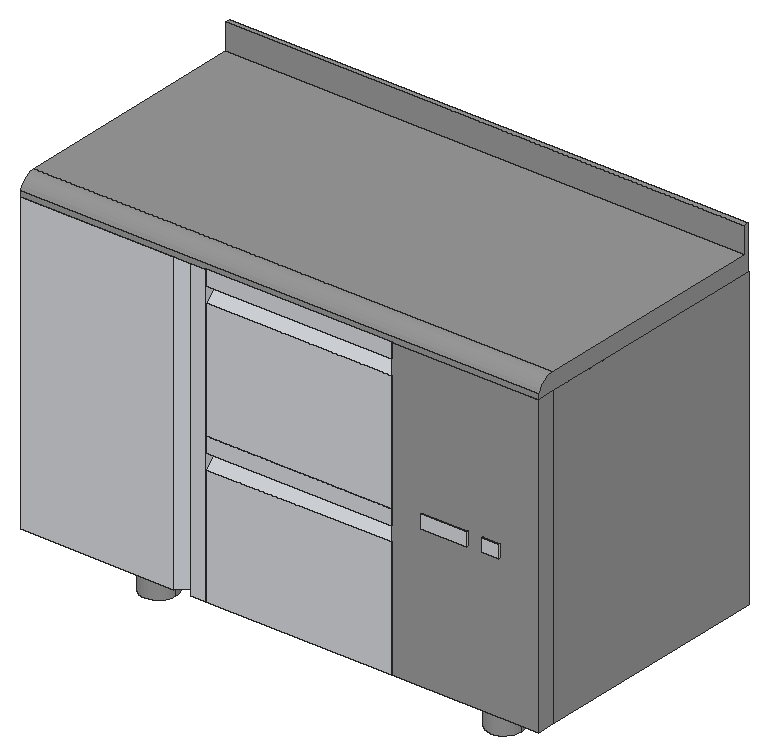
Revit family "Холодильные столы среднетемпературные", category Оборудование, Revit 2020 (continued)
Automatic sketch dimensions
  curve 407 to curve 406 = 18.028 mm  (x2)
  curve 370 to curve 365 = 18.028 mm
  curve 361 to curve 404 = 10.198 mm  (x2)
  curve 357 to curve 356 = 12.5 mm  (x2)
  curve 358 to curve 357 = 12.5 mm  (x2)
  curve 365 to curve 360 = 18.028 mm
  curve 365 to curve 359 = 10.308 mm
  curve 404 to curve 403 = 18.028 mm
  curve 404 to curve 351 = 10.198 mm
  curve 403 to curve 402 = 18.028 mm  (x2)
  curve 355 to curve 350 = 18.028 mm
  curve 350 to curve 345 = 18.028 mm  (x2)
  curve 345 to curve 340 = 18.028 mm  (x2)
  curve 345 to curve 339 = 10.308 mm  (x2)
  curve 344 to curve 338 = 10.308 mm  (x2)
  curve 341 to curve 400 = 10.198 mm
  curve 338 to curve 333 = 18.028 mm
  curve 338 to curve 334 = 10.308 mm
  curve 339 to curve 335 = 10.308 mm
  curve 332 to curve 327 = 18.028 mm
  curve 333 to curve 328 = 18.028 mm
  curve 333 to curve 329 = 10.308 mm  (x2)
  curve 335 to curve 330 = 18.028 mm
  curve 322 to curve 321 = 12.5 mm
  curve 323 to curve 322 = 12.5 mm
  curve 324 to curve 323 = 12.5 mm
  curve 325 to curve 324 = 12.5 mm
  curve 321 to curve 396 = 10.198 mm  (x2)
  curve 322 to curve 317 = 18.028 mm
  curve 318 to curve 317 = 12.5 mm  (x2)
  curve 319 to curve 318 = 12.5 mm  (x2)
  curve 320 to curve 319 = 12.5 mm
  curve 396 to curve 395 = 18.028 mm  (x2)
  curve 396 to curve 311 = 10.198 mm
  curve 316 to curve 312 = 10.308 mm
  curve 317 to curve 313 = 10.308 mm  (x2)
  curve 318 to curve 314 = 10.308 mm
  curve 319 to curve 315 = 10.308 mm
  curve 395 to curve 306 = 10.198 mm
  curve 312 to curve 308 = 10.308 mm
  curve 313 to curve 309 = 10.308 mm  (x2)
  curve 314 to curve 310 = 10.308 mm  (x2)
  curve 306 to curve 301 = 18.028 mm
  curve 302 to curve 301 = 12.5 mm
  curve 310 to curve 305 = 18.028 mm  (x2)
  curve 305 to curve 300 = 18.028 mm  (x2)
  curve 393 to curve 392 = 18.028 mm
  curve 298 to curve 297 = 12.5 mm  (x2)
  curve 299 to curve 298 = 12.5 mm
  curve 392 to curve 391 = 18.028 mm
  curve 392 to curve 291 = 10.198 mm
  curve 298 to curve 294 = 10.308 mm
  curve 296 to curve 292 = 10.308 mm  (x2)
  curve 299 to curve 295 = 10.308 mm
  curve 297 to curve 293 = 10.308 mm  (x2)
  curve 514 to curve 515 = 18.028 mm
  curve 504 to curve 509 = 18.028 mm
  curve 419 to curve 510 = 18.028 mm
  curve 505 to curve 533 = 13 mm
  curve 506 to curve 505 = 12.5 mm
  curve 507 to curve 506 = 12.5 mm
  curve 508 to curve 507 = 12.5 mm
  curve 509 to curve 508 = 12.5 mm
  curve 512 to curve 509 = 15 mm
  curve 515 to curve 510 = 18.028 mm
  curve 387 to curve 389 = 273 mm
  curve 388 to curve 511 = 232.251 mm  (x2)
  curve 389 to curve 511 = 232.251 mm
  curve 387 to curve 390 = 190 mm
  curve 390 to curve 391 = 18.028 mm
  curve 393 to curve 394 = 18.028 mm
  curve 395 to curve 396 = 18.028 mm
  curve 397 to curve 398 = 18.028 mm
  curve 291 to curve 286 = 18.028 mm
  curve 344 to curve 349 = 18.028 mm
  curve 409 to curve 387 = 45 mm
  curve 381 to curve 376 = 18.028 mm
  curve 376 to curve 371 = 18.028 mm
  curve 362 to curve 361 = 12.5 mm
  curve 363 to curve 362 = 12.5 mm
  curve 364 to curve 363 = 12.5 mm
  curve 365 to curve 364 = 12.5 mm
  curve 356 to curve 404 = 13 mm
  curve 359 to curve 358 = 12.5 mm
  curve 360 to curve 359 = 12.5 mm
  curve 359 to curve 355 = 10.308 mm
  curve 354 to curve 350 = 10.308 mm
  curve 401 to curve 400 = 18.028 mm
  curve 336 to curve 400 = 13 mm
  curve 337 to curve 336 = 12.5 mm
  curve 400 to curve 399 = 18.028 mm
  curve 331 to curve 327 = 10.308 mm
  curve 332 to curve 328 = 10.308 mm
  curve 334 to curve 330 = 10.308 mm
  curve 399 to curve 326 = 10.198 mm
  curve 399 to curve 398 = 18.028 mm
  curve 330 to curve 325 = 18.028 mm
  curve 317 to curve 316 = 12.5 mm
  curve 395 to curve 394 = 18.028 mm
  curve 301 to curve 392 = 10.198 mm
  curve 296 to curve 392 = 13 mm
  curve 297 to curve 296 = 12.5 mm
  curve 305 to curve 299 = 10.308 mm
  curve 291 to curve 287 = 10.308 mm
  curve 292 to curve 288 = 10.308 mm
  curve 293 to curve 289 = 10.308 mm
  curve 294 to curve 290 = 10.308 mm
  curve 10 to curve 21 = 30 mm
  curve 533 to Extrusion 47 = 20 mm
  curve 386 to Extrusion 47 = 20 mm
  curve 398 to curve 399 = 15 mm
  curve 398 to curve 397 = 15 mm
  curve 402 to curve 401 = 15 mm
  curve 394 to curve 395 = 15 mm
  curve 406 to curve 407 = 15 mm
  curve 402 to curve 403 = 15 mm
  curve 394 to curve 393 = 15 mm
  curve 386 to curve 391 = 15 mm
  curve 406 to curve 405 = 15 mm
  curve 391 to curve 390 = 15 mm
  curve 393 to curve 394 = 15 mm
  curve 397 to curve 396 = 15 mm
  curve 405 to curve 406 = 15 mm
  curve 399 to curve 400 = 15 mm
  curve 403 to curve 404 = 15 mm
  curve 409 to curve 408 = 15 mm
  curve 393 to curve 392 = 15 mm
  curve 286 to curve 391 = 2 mm
  curve 326 to curve 397 = 2 mm
  curve 326 to curve 399 = 2 mm
  curve 366 to curve 407 = 2 mm
  curve 306 to curve 393 = 2 mm
  curve 346 to curve 403 = 2 mm
  curve 408 to curve 409 = 15 mm
  curve 346 to curve 401 = 2 mm
  curve 306 to curve 395 = 2 mm
  curve 366 to curve 405 = 2 mm
  curve 331 to curve 400 = 2 mm
  curve 381 to curve 408 = 2 mm
  curve 311 to curve 396 = 2 mm
  curve 291 to curve 392 = 2 mm
  curve 351 to curve 404 = 2 mm
  curve 311 to curve 306 = 15 mm
  curve 371 to curve 366 = 15 mm
  curve 321 to curve 326 = 15 mm
  curve 351 to curve 346 = 15 mm
  curve 307 to curve 311 = 2.5 mm
  curve 327 to curve 331 = 2.5 mm
  curve 347 to curve 351 = 2.5 mm
  curve 347 to curve 341 = 2.5 mm
  curve 287 to curve 291 = 2.5 mm
  curve 327 to curve 321 = 2.5 mm
  curve 307 to curve 301 = 2.5 mm
  curve 367 to curve 371 = 2.5 mm
  curve 376 to curve 381 = 15 mm
  curve 367 to curve 361 = 2.5 mm
  curve 352 to curve 356 = 2.5 mm
  curve 342 to curve 336 = 2.5 mm
  curve 302 to curve 296 = 2.5 mm
  curve 322 to curve 316 = 2.5 mm
  curve 382 to curve 376 = 2.5 mm
  curve 332 to curve 327 = 15 mm
  curve 292 to curve 287 = 15 mm
  curve 312 to curve 307 = 15 mm
  curve 372 to curve 367 = 15 mm
  curve 352 to curve 347 = 15 mm
  curve 348 to curve 342 = 2.5 mm
  curve 308 to curve 312 = 2.5 mm
  curve 328 to curve 322 = 2.5 mm
  curve 328 to curve 332 = 2.5 mm
  curve 377 to curve 382 = 15 mm
  curve 288 to curve 292 = 2.5 mm
  curve 308 to curve 302 = 2.5 mm
  curve 368 to curve 362 = 2.5 mm
  curve 368 to curve 372 = 2.5 mm
  curve 348 to curve 352 = 2.5 mm
  curve 343 to curve 337 = 2.5 mm
  curve 353 to curve 357 = 2.5 mm
  curve 323 to curve 317 = 2.5 mm
  curve 303 to curve 297 = 2.5 mm
  curve 383 to curve 377 = 2.5 mm
  curve 373 to curve 368 = 15 mm
  curve 353 to curve 348 = 15 mm
  curve 313 to curve 308 = 15 mm
  curve 293 to curve 288 = 15 mm
  curve 333 to curve 328 = 15 mm
  curve 369 to curve 363 = 2.5 mm
  curve 349 to curve 353 = 2.5 mm
  curve 349 to curve 343 = 2.5 mm
  curve 329 to curve 323 = 2.5 mm
  curve 369 to curve 373 = 2.5 mm
  curve 329 to curve 333 = 2.5 mm
  curve 309 to curve 313 = 2.5 mm
  curve 289 to curve 293 = 2.5 mm
  curve 378 to curve 383 = 15 mm
  curve 309 to curve 303 = 2.5 mm
  curve 304 to curve 298 = 2.5 mm
  curve 334 to curve 338 = 2.5 mm
  curve 324 to curve 318 = 2.5 mm
  curve 354 to curve 358 = 2.5 mm
  curve 384 to curve 378 = 2.5 mm
  curve 334 to curve 329 = 15 mm
  curve 364 to curve 369 = 15 mm
  curve 294 to curve 289 = 15 mm
  curve 354 to curve 349 = 15 mm
  curve 304 to curve 309 = 15 mm
  curve 370 to curve 374 = 2.5 mm
  curve 310 to curve 304 = 2.5 mm
  curve 379 to curve 384 = 15 mm
  curve 290 to curve 294 = 2.5 mm
  curve 330 to curve 324 = 2.5 mm
  curve 370 to curve 364 = 2.5 mm
  curve 350 to curve 354 = 2.5 mm
  curve 350 to curve 344 = 2.5 mm
  curve 330 to curve 334 = 2.5 mm
  curve 310 to curve 314 = 2.5 mm
  curve 295 to curve 299 = 2.5 mm
  curve 335 to curve 339 = 2.5 mm
  curve 325 to curve 319 = 2.5 mm
  curve 385 to curve 379 = 2.5 mm
  curve 355 to curve 359 = 2.5 mm
  curve 335 to curve 330 = 15 mm
  curve 295 to curve 290 = 15 mm
  curve 355 to curve 350 = 15 mm
  curve 315 to curve 310 = 15 mm
  curve 365 to curve 370 = 15 mm
  curve 320 to curve 315 = 15 mm
  curve 320 to curve 325 = 15 mm
  curve 340 to curve 335 = 15 mm
  curve 300 to curve 295 = 15 mm
  curve 380 to curve 385 = 15 mm
  curve 360 to curve 355 = 15 mm
  curve 300 to curve 305 = 15 mm
  curve 370 to curve 365 = 15 mm
  curve 380 to curve 375 = 15 mm
  curve 340 to curve 345 = 15 mm
  curve 385 to curve 389 = 15 mm
  curve 355 to curve 360 = 15 mm
  curve 325 to curve 320 = 15 mm
  curve 305 to curve 300 = 15 mm
  curve 511 to Extrusion 47 = 20 mm
  curve 530 to curve 531 = 15 mm
  curve 526 to curve 525 = 15 mm
  curve 510 to curve 515 = 15 mm
  curve 522 to curve 523 = 15 mm
  curve 518 to curve 517 = 15 mm
  curve 530 to curve 529 = 15 mm
  curve 522 to curve 521 = 15 mm
  curve 526 to curve 527 = 15 mm
  curve 518 to curve 519 = 15 mm
  curve 519 to curve 520 = 15 mm
  curve 515 to curve 516 = 15 mm
  curve 525 to curve 524 = 15 mm
  curve 515 to curve 514 = 15 mm
  curve 527 to curve 528 = 15 mm
  curve 531 to curve 532 = 15 mm
  curve 525 to curve 526 = 15 mm
  curve 532 to curve 533 = 15 mm
  curve 430 to curve 519 = 2 mm
  curve 450 to curve 523 = 2 mm
  curve 430 to curve 517 = 2 mm
  curve 490 to curve 531 = 2 mm
  curve 490 to curve 529 = 2 mm
  curve 410 to curve 515 = 2 mm
  curve 470 to curve 525 = 2 mm
  curve 450 to curve 521 = 2 mm
  curve 470 to curve 527 = 2 mm
  curve 435 to curve 520 = 2 mm
  curve 475 to curve 528 = 2 mm
  curve 415 to curve 516 = 2 mm
  curve 465 to curve 524 = 2 mm
  curve 495 to curve 532 = 2 mm
  curve 425 to curve 430 = 15 mm
  curve 445 to curve 450 = 15 mm
  curve 495 to curve 490 = 15 mm
  curve 475 to curve 470 = 15 mm
  curve 471 to curve 465 = 2.5 mm
  curve 451 to curve 455 = 2.5 mm
  curve 451 to curve 445 = 2.5 mm
  curve 491 to curve 485 = 2.5 mm
  curve 411 to curve 415 = 2.5 mm
  curve 431 to curve 425 = 2.5 mm
  curve 500 to curve 505 = 15 mm
  curve 471 to curve 475 = 2.5 mm
  curve 491 to curve 495 = 2.5 mm
  curve 431 to curve 435 = 2.5 mm
  curve 426 to curve 420 = 2.5 mm
  curve 476 to curve 480 = 2.5 mm
  curve 446 to curve 440 = 2.5 mm
  curve 466 to curve 460 = 2.5 mm
  curve 506 to curve 500 = 2.5 mm
  curve 416 to curve 411 = 15 mm
  curve 466 to curve 471 = 15 mm
  curve 436 to curve 431 = 15 mm
  curve 486 to curve 491 = 15 mm
  curve 446 to curve 451 = 15 mm
  curve 492 to curve 486 = 2.5 mm
  curve 472 to curve 466 = 2.5 mm
  curve 501 to curve 506 = 15 mm
  curve 432 to curve 436 = 2.5 mm
  curve 412 to curve 416 = 2.5 mm
  curve 432 to curve 426 = 2.5 mm
  curve 452 to curve 456 = 2.5 mm
  curve 452 to curve 446 = 2.5 mm
  curve 492 to curve 496 = 2.5 mm
  curve 472 to curve 476 = 2.5 mm
  curve 507 to curve 501 = 2.5 mm
  curve 447 to curve 441 = 2.5 mm
  curve 467 to curve 461 = 2.5 mm
  curve 427 to curve 421 = 2.5 mm
  curve 477 to curve 481 = 2.5 mm
  curve 417 to curve 412 = 15 mm
  curve 437 to curve 432 = 15 mm
  curve 447 to curve 452 = 15 mm
  curve 487 to curve 492 = 15 mm
  curve 477 to curve 472 = 15 mm
  curve 453 to curve 457 = 2.5 mm
  curve 493 to curve 487 = 2.5 mm
  curve 433 to curve 437 = 2.5 mm
  curve 502 to curve 507 = 15 mm
  curve 473 to curve 467 = 2.5 mm
  curve 493 to curve 497 = 2.5 mm
  curve 433 to curve 427 = 2.5 mm
  curve 453 to curve 447 = 2.5 mm
  curve 413 to curve 417 = 2.5 mm
  curve 473 to curve 477 = 2.5 mm
  curve 458 to curve 462 = 2.5 mm
  curve 508 to curve 502 = 2.5 mm
  curve 478 to curve 482 = 2.5 mm
  curve 438 to curve 442 = 2.5 mm
  curve 418 to curve 422 = 2.5 mm
  curve 448 to curve 453 = 15 mm
  curve 478 to curve 473 = 15 mm
  curve 418 to curve 413 = 15 mm
  curve 428 to curve 433 = 15 mm
  curve 488 to curve 493 = 15 mm
  curve 494 to curve 498 = 2.5 mm
  curve 494 to curve 488 = 2.5 mm
  curve 414 to curve 418 = 2.5 mm
  curve 503 to curve 508 = 15 mm
  curve 454 to curve 448 = 2.5 mm
  curve 454 to curve 458 = 2.5 mm
  curve 434 to curve 428 = 2.5 mm
  curve 474 to curve 468 = 2.5 mm
  curve 474 to curve 478 = 2.5 mm
  curve 434 to curve 438 = 2.5 mm
  curve 479 to curve 483 = 2.5 mm
  curve 419 to curve 423 = 2.5 mm
  curve 439 to curve 443 = 2.5 mm
  curve 459 to curve 463 = 2.5 mm
  curve 509 to curve 503 = 2.5 mm
  curve 469 to curve 474 = 15 mm
  curve 449 to curve 454 = 15 mm
  curve 419 to curve 414 = 15 mm
  curve 429 to curve 434 = 15 mm
  curve 489 to curve 494 = 15 mm
  curve 444 to curve 449 = 15 mm
  curve 464 to curve 469 = 15 mm
  curve 424 to curve 419 = 15 mm
  curve 504 to curve 509 = 15 mm
  curve 424 to curve 429 = 15 mm
  curve 484 to curve 489 = 15 mm
  curve 504 to curve 499 = 15 mm
  curve 464 to curve 459 = 15 mm
  curve 484 to curve 479 = 15 mm
  curve 444 to curve 439 = 15 mm
  curve 459 to curve 464 = 15 mm
  curve 509 to curve 513 = 15 mm
  curve 419 to curve 424 = 15 mm
  curve 449 to curve 444 = 15 mm
  curve 479 to curve 484 = 15 mm
  curve 509 to curve 512 = 0 mm
  curve 508 to curve 509 = 0 mm
  curve 507 to curve 508 = 0 mm
  curve 506 to curve 507 = 0 mm
  curve 505 to curve 506 = 0 mm
  curve 389 to Extrusion 47 = 20 mm
  curve 388 to curve 409 = 0 mm
  curve 385 to curve 388 = 0 mm
  curve 384 to curve 385 = 0 mm
  curve 383 to curve 384 = 0 mm
  curve 382 to curve 383 = 0 mm
  curve 381 to curve 382 = 0 mm
  curve 381 to curve 376 = 10 mm
  curve 377 to curve 376 = 0 mm
  curve 378 to curve 377 = 0 mm
  curve 379 to curve 378 = 0 mm
  curve 380 to curve 379 = 0 mm
  curve 505 to curve 532 = 10 mm
  curve 409 to curve 408 = 10 mm
  curve 512 to curve 504 = 10 mm
  curve 509 to curve 503 = 10 mm
  curve 508 to curve 502 = 10 mm
  curve 500 to curve 532 = 0 mm
  curve 501 to curve 500 = 0 mm
  curve 504 to curve 499 = 10 mm
  curve 498 to curve 499 = 0 mm
  curve 497 to curve 498 = 0 mm
  curve 496 to curve 497 = 0 mm
  curve 408 to curve 407 = 10 mm
  curve 376 to curve 371 = 10 mm
  curve 376 to curve 372 = 10 mm
  curve 377 to curve 373 = 10 mm
  curve 532 to curve 531 = 10 mm
  curve 495 to curve 496 = 0 mm
  curve 378 to curve 374 = 10 mm
  curve 379 to curve 375 = 10 mm
  curve 496 to curve 491 = 10 mm
  curve 496 to curve 492 = 10 mm
  curve 497 to curve 493 = 10 mm
  curve 490 to curve 491 = 0 mm
  curve 498 to curve 494 = 10 mm
  curve 530 to curve 490 = 0 mm
  curve 407 to curve 406 = 10 mm
  curve 375 to curve 370 = 10 mm
  curve 369 to curve 370 = 0 mm
  curve 368 to curve 369 = 0 mm
  curve 367 to curve 368 = 0 mm
  curve 366 to curve 367 = 0 mm
  curve 406 to curve 405 = 10 mm
  curve 367 to curve 361 = 10 mm
  curve 362 to curve 361 = 0 mm
  curve 363 to curve 362 = 0 mm
  curve 364 to curve 363 = 0 mm
  curve 490 to curve 485 = 10 mm
  curve 486 to curve 485 = 0 mm
  curve 487 to curve 486 = 0 mm
  curve 488 to curve 487 = 0 mm
  curve 365 to curve 364 = 0 mm
  curve 530 to curve 529 = 10 mm
  curve 489 to curve 488 = 0 mm
  curve 361 to curve 404 = 10 mm
  curve 489 to curve 483 = 10 mm
  curve 485 to curve 528 = 10 mm
  curve 489 to curve 484 = 10 mm
  curve 488 to curve 482 = 10 mm
  curve 487 to curve 481 = 10 mm
  curve 480 to curve 528 = 0 mm
  curve 356 to curve 404 = 0 mm
  curve 357 to curve 356 = 0 mm
  curve 358 to curve 357 = 0 mm
  curve 359 to curve 358 = 0 mm
  curve 360 to curve 359 = 0 mm
  curve 359 to curve 355 = 10 mm
  curve 354 to curve 355 = 0 mm
  curve 353 to curve 354 = 0 mm
  curve 352 to curve 353 = 0 mm
  curve 351 to curve 352 = 0 mm
  curve 482 to curve 477 = 10 mm
  curve 476 to curve 477 = 0 mm
  curve 475 to curve 476 = 0 mm
  curve 403 to curve 351 = 0 mm
  curve 482 to curve 478 = 10 mm
  curve 528 to curve 527 = 10 mm
  curve 484 to curve 479 = 10 mm
  curve 476 to curve 471 = 10 mm
  curve 354 to curve 350 = 10 mm
  curve 349 to curve 350 = 0 mm
  curve 348 to curve 349 = 0 mm
  curve 403 to curve 402 = 10 mm
  curve 527 to curve 526 = 10 mm
  curve 527 to curve 470 = 10 mm
  curve 476 to curve 472 = 10 mm
  curve 477 to curve 473 = 10 mm
  curve 478 to curve 474 = 10 mm
  curve 347 to curve 348 = 0 mm
  curve 346 to curve 347 = 0 mm
  curve 350 to curve 345 = 10 mm
  curve 470 to curve 465 = 10 mm
  curve 402 to curve 401 = 10 mm
  curve 474 to curve 469 = 10 mm
  curve 470 to curve 525 = 10 mm
  curve 474 to curve 468 = 10 mm
  curve 473 to curve 467 = 10 mm
  curve 472 to curve 466 = 10 mm
  curve 350 to curve 344 = 10 mm
  curve 349 to curve 343 = 10 mm
  curve 348 to curve 342 = 10 mm
  curve 347 to curve 341 = 10 mm
  curve 525 to curve 524 = 10 mm
  curve 469 to curve 464 = 10 mm
  curve 401 to curve 400 = 10 mm
  curve 469 to curve 463 = 10 mm
  curve 468 to curve 462 = 10 mm
  curve 467 to curve 461 = 10 mm
  curve 466 to curve 460 = 10 mm
  curve 336 to curve 400 = 0 mm
  curve 337 to curve 336 = 0 mm
  curve 345 to curve 340 = 10 mm
  curve 345 to curve 339 = 10 mm
  curve 344 to curve 338 = 10 mm
  curve 461 to curve 457 = 10 mm
  curve 400 to curve 399 = 10 mm
  curve 462 to curve 458 = 10 mm
  curve 463 to curve 459 = 10 mm
  curve 340 to curve 335 = 10 mm
  curve 524 to curve 523 = 10 mm
  curve 334 to curve 335 = 0 mm
  curve 333 to curve 334 = 0 mm
  curve 332 to curve 333 = 0 mm
  curve 331 to curve 332 = 0 mm
  curve 524 to curve 455 = 10 mm
  curve 460 to curve 456 = 10 mm
  curve 331 to curve 327 = 10 mm
  curve 332 to curve 328 = 10 mm
  curve 333 to curve 329 = 10 mm
  curve 334 to curve 330 = 10 mm
  curve 523 to curve 450 = 10 mm
  curve 399 to curve 326 = 10 mm
  curve 459 to curve 454 = 10 mm
  curve 453 to curve 454 = 0 mm
  curve 452 to curve 453 = 0 mm
  curve 451 to curve 452 = 0 mm
  curve 522 to curve 450 = 0 mm
  curve 399 to curve 398 = 10 mm
  curve 330 to curve 325 = 10 mm
  curve 330 to curve 324 = 10 mm
  curve 329 to curve 323 = 10 mm
  curve 328 to curve 322 = 10 mm
  curve 327 to curve 321 = 10 mm
  curve 326 to curve 397 = 10 mm
  curve 450 to curve 521 = 10 mm
  curve 454 to curve 449 = 10 mm
  curve 454 to curve 448 = 10 mm
  curve 453 to curve 447 = 10 mm
  curve 452 to curve 446 = 10 mm
  curve 445 to curve 521 = 0 mm
  curve 449 to curve 444 = 10 mm
  curve 449 to curve 443 = 10 mm
  curve 448 to curve 442 = 10 mm
  curve 447 to curve 441 = 10 mm
  curve 446 to curve 440 = 10 mm
  curve 521 to curve 520 = 10 mm
  curve 322 to curve 316 = 10 mm
  curve 317 to curve 316 = 0 mm
  curve 318 to curve 317 = 0 mm
  curve 319 to curve 318 = 0 mm
  curve 325 to curve 320 = 10 mm
  curve 321 to curve 396 = 10 mm
  curve 396 to curve 395 = 10 mm
  curve 440 to curve 435 = 10 mm
  curve 440 to curve 436 = 10 mm
  curve 441 to curve 437 = 10 mm
  curve 442 to curve 438 = 10 mm
  curve 443 to curve 439 = 10 mm
  curve 519 to curve 435 = 0 mm
  curve 320 to curve 315 = 10 mm
  curve 314 to curve 315 = 0 mm
  curve 317 to curve 313 = 10 mm
  curve 312 to curve 313 = 0 mm
  curve 311 to curve 312 = 0 mm
  curve 313 to curve 309 = 10 mm
  curve 314 to curve 310 = 10 mm
  curve 308 to curve 309 = 0 mm
  curve 307 to curve 308 = 0 mm
  curve 439 to curve 434 = 10 mm
  curve 306 to curve 307 = 0 mm
  curve 395 to curve 394 = 10 mm
  curve 433 to curve 434 = 0 mm
  curve 432 to curve 433 = 0 mm
  curve 519 to curve 518 = 10 mm
  curve 431 to curve 432 = 0 mm
  curve 430 to curve 431 = 0 mm
  curve 434 to curve 429 = 10 mm
  curve 434 to curve 428 = 10 mm
  curve 433 to curve 427 = 10 mm
  curve 432 to curve 426 = 10 mm
  curve 430 to curve 517 = 10 mm
  curve 431 to curve 425 = 10 mm
  curve 306 to curve 393 = 10 mm
  curve 310 to curve 305 = 10 mm
  curve 307 to curve 301 = 10 mm
  curve 310 to curve 304 = 10 mm
  curve 309 to curve 303 = 10 mm
  curve 308 to curve 302 = 10 mm
  curve 429 to curve 424 = 10 mm
  curve 429 to curve 423 = 10 mm
  curve 428 to curve 422 = 10 mm
  curve 427 to curve 421 = 10 mm
  curve 426 to curve 420 = 10 mm
  curve 517 to curve 516 = 10 mm
  curve 301 to curve 392 = 10 mm
  curve 296 to curve 392 = 0 mm
  curve 297 to curve 296 = 0 mm
  curve 298 to curve 297 = 0 mm
  curve 305 to curve 300 = 10 mm
  curve 305 to curve 299 = 10 mm
  curve 296 to curve 292 = 10 mm
  curve 291 to curve 292 = 0 mm
  curve 297 to curve 293 = 10 mm
  curve 516 to curve 415 = 10 mm
  curve 420 to curve 416 = 10 mm
  curve 421 to curve 417 = 10 mm
  curve 422 to curve 418 = 10 mm
  curve 300 to curve 295 = 10 mm
  curve 294 to curve 295 = 0 mm
  curve 423 to curve 419 = 10 mm
  curve 516 to curve 515 = 10 mm
  curve 416 to curve 412 = 10 mm
  curve 411 to curve 412 = 0 mm
  curve 410 to curve 411 = 0 mm
  curve 417 to curve 413 = 10 mm
  curve 514 to curve 410 = 0 mm
  curve 291 to curve 287 = 10 mm
  curve 391 to curve 390 = 10 mm
  curve 292 to curve 288 = 10 mm
  curve 293 to curve 289 = 10 mm
  curve 294 to curve 290 = 10 mm
  curve 418 to curve 414 = 10 mm
  curve 286 to curve 287 = 0 mm
  radius of Extrusion 6 sketch curve = 40 mm
  radius of Extrusion 8 sketch curve = 40 mm
Connectors
  electrical at (0, 0, 465)
    settings: on Extrusion 1, index 1, voltage 230 V, apparent load 0 VA, apparent load phase1 0 VA, apparent load phase2 0 VA, apparent load phase3 0 VA, power factor 1, load classification "Прочее", number of poles 1, system type 31, power factor state 1, is connector primary yes, connector utility no, sub classification motor no, connector description ""
Types (33, lengths in mm): name | Шкаф выдв.двойной - 2 | Шкаф выдв. тройной - 2 | Шкаф выдв. тройной - 1 | Шкаф выдв. двойной - 1 | Ширина | Число дверей | Цена, руб | Столешница квадр. | Столешница закругл. | Размеры в упоковке, мм | Объем, л | Нижняя панель упр. | Нижнее распол. Дверь -2 | Нижнее распол Дверь -1 | Количество дверей | Дверь GC | Дверь G-4 | Дверь G-3 | Дверь G-2 | Дверь G - 1 | Двери 012-GC | Глубина | Габаритные размеры, мм | Вес нетто/брутто, кг | Боковая панель упр.
  (no name) | no | no | no | yes | 1200 | 2 | "71 808" | no | yes | "1310х715х1045" | "270" | no | no | no | "2" | no | no | no | yes | no | no | 605 | "1200х605х850/910" | "130/145" | yes
  ТМ2-GC | no | no | no | no | 1200 | 2 | "53 646" | yes | no | "1310х715х1045" | "270" | no | no | no | "2" | yes | no | no | no | no | no | 604 | "1200х604х850/910" | "125/140" | yes
  ТМ3-GC | no | no | no | no | 1630 | 3 | "63 011" | yes | no | "1725х715х1045" | "400" | no | no | no | "3" | yes | no | no | no | no | no | 605 | "1630х605х850/910" | "145/170" | yes
  TM4-GC | no | no | no | no | 2060 | 4 | "77 746" | yes | no | "2165х715х1045" | "500" | no | no | no | "4" | yes | no | no | no | no | no | 605 | "2060х605х850/910" | "165/190" | yes
  TM2GN-GC | no | no | no | no | 1200 | 2 | "55 169" | yes | no | "1310х815х1045" | "320" | no | no | no | "2" | yes | no | no | no | no | no | 705 | "1200х605х850/910" | "130/150" | yes
  TM3GN-GC | no | no | no | no | 1630 | 3 | "64 254" | yes | no | "1725х815х1045" | "450" | no | no | no | "3" | yes | no | no | no | no | no | 705 | "1630х605х850/910" | "150/180" | yes
  TM4GN-GC | no | no | no | no | 2060 | 4 | "78 641" | yes | no | "2165х815х1045" | "600" | no | no | no | "4" | yes | no | no | no | no | no | 705 | "2060х605х850/910" | "165/200" | yes
  TM2-G | no | no | no | no | 1200 | 2 | "55 418" | no | yes | "1310х715х1045" | "270" | no | no | no | "2" | no | no | no | yes | yes | no | 604 | "1200х604х850/910" | "125/140" | yes
  TM-4G | no | no | no | no | 2060 | 2 | "78 828" | no | yes | "2165х715х1045" | "500" | no | no | no | "4" | no | yes | yes | yes | yes | no | 605 | "2060х605х850/910" | "160/190" | yes
  ТМ3-G | no | no | no | no | 1630 | 2 | "65 047" | no | yes | "1725х715х1045" | "400" | no | no | no | "3" | no | yes | no | yes | yes | no | 605 | "1630х605х850/910" | "145/170" | yes
  TM2-22-G | yes | no | no | yes | 1200 | 2 | "88 198" | no | yes | "1310х715х1045" | "270" | no | no | no | "2" | no | no | no | no | no | no | 605 | "1200х605х850/910" | "135/150" | yes
  TM3-222-G | yes | no | no | yes | 1630 | 2 | "114 216" | no | yes | "1725х715х1045" | "400" | no | no | no | "6" | no | no | no | no | no | no | 605 | "1630х605х850/910" | "160/185" | yes
  TM3GN-222-G | yes | no | no | yes | 1630 | 2 | "116 511" | no | yes | "1725х815х1045" | "450" | no | no | no | "6" | no | no | no | no | no | no | 705 | "1630х705х850/910" | "165/195" | yes
  TM2GN-22-G | yes | no | no | yes | 1200 | 2 | "89 679" | no | yes | "1310х815х1045" | "320" | no | no | no | "4" | no | no | no | no | no | no | 705 | "1200х705х850/910" | "140/160" | yes
  TM2-20-G | no | no | no | yes | 1200 | 2 | "71 808" | no | yes | "1310х715х1045" | "270" | no | no | no | "2" | no | no | no | yes | no | no | 605 | "1200х605х850/910" | "130/145" | yes
  TM2GN-20-G | no | no | no | yes | 1200 | 2 | "73 289" | no | yes | "1310х815х1045" | "320" | no | no | no | "2" | no | no | no | yes | no | no | 705 | "1200х705х850/910" | "135/155" | yes
  TM2-33-G | no | yes | yes | no | 1200 | 2 | "93 198" | no | yes | "1310х715х1045" | "270" | no | no | no | "2" | no | no | no | no | no | no | 605 | "1200х605х850/910" | "135/150" | yes
  TM3-333-G | no | yes | yes | no | 1630 | 2 | "121 716" | no | yes | "1725х715х1045" | "400" | no | no | no | "9" | no | no | no | no | no | no | 605 | "1630х605х850/910" | "160/185" | yes
  TM2-03-G | no | no | yes | no | 1200 | 2 | "74 308" | no | yes | "1310х715х1045" | "270" | no | no | no | "2" | no | no | no | yes | no | no | 605 | "1200х605х850/910" | "135/150" | yes
  TM2GN-03-G | no | no | yes | no | 1200 | 2 | "75 789" | no | yes | "1310х815х1045" | "270" | no | no | no | "2" | no | no | no | yes | no | no | 705 | "1200х705х850/910" | "135/155" | yes
  TM3GN-333-G | no | yes | yes | no | 1630 | 2 | "124 011" | no | yes | "1725х815х1045" | "450" | no | no | no | "9" | no | no | no | no | no | no | 705 | "1630х705х850/910" | "165/195" | yes
  TM2GN-33-G | no | yes | yes | no | 1200 | 2 | "94 679" | no | yes | "1310х815х1045" | "320" | no | no | no | "2" | no | no | no | no | no | no | 705 | "1200х705х850/910" | "140/160" | yes
  TM3GN-012-GC | no | no | no | no | 1630 | 3 | "" | yes | no | "1725х815х1045" | "450" | no | no | no | "5" | no | no | no | no | no | yes | 705 | "1630х705х850/910" | "160/190" | yes
  TM3-012-GC | no | no | no | no | 1630 | 3 | "" | yes | no | "1725х715х1045" | "400" | no | no | no | "5" | no | no | no | no | no | yes | 605 | "1630х605х850/910" | "140/180" | yes
  TMi4-G | no | no | no | no | 1850 | 2 | "79 990" | no | yes | "2000х714х1040" | "306" | yes | yes | yes | "4" | no | no | no | no | no | no | 600 | "1850х600х850/910" | "-" | no
  TMi-2G | no | no | no | no | 900 | 2 | "39 741" | no | yes | "1045х714х1040" | "153" | yes | no | yes | "2" | no | no | no | no | no | no | 600 | "900х600х850/910" | "-" | no
  TMi-3G | no | no | no | no | 1375 | 2 | "64 100" | no | yes | "1520х714х1040" | "230" | yes | no | yes | "3" | no | no | no | no | no | no | 600 | "1375х600х850/910" | "-" | no
  TMi2GN-G | no | no | no | no | 900 | 2 | "49 940" | no | yes | "1045х814х1040" | "184" | yes | no | yes | "2" | no | no | no | no | no | no | 700 | "900х700х850/910" | "-" | no
  TMi3GN-G | no | no | no | no | 1375 | 2 | "67 400" | no | yes | "1520х814х1040" | "279" | yes | no | yes | "3" | no | no | no | no | no | no | 700 | "1375х700х850/910" | "-" | no
  TMi4GN-G | no | no | no | no | 1850 | 2 | "84 400" | no | yes | "2000х714х1040" | "368" | yes | yes | yes | "4" | no | no | no | no | no | no | 700 | "1850х700х850/910" | "-" | no
  TM2GN-G | no | no | no | no | 1200 | 2 | "56 899" | no | yes | "1310х815х1045" | "320" | no | no | no | "2" | no | no | no | yes | yes | no | 705 | "1200х705х850/910" | "130/150" | yes
  TM3GN-G | no | no | no | no | 1630 | 2 | "67 342" | no | yes | "1725х815х1045" | "450" | no | no | no | "3" | no | yes | no | yes | yes | no | 705 | "1630х705х850/910" | "150/180" | yes
  TM4GN-G | no | no | no | no | 2060 | 2 | "80 219" | no | yes | "2165х815х1045" | "600" | no | no | no | "4" | no | yes | yes | yes | yes | no | 705 | "2060х705х850/910" | "160/200" | yes
